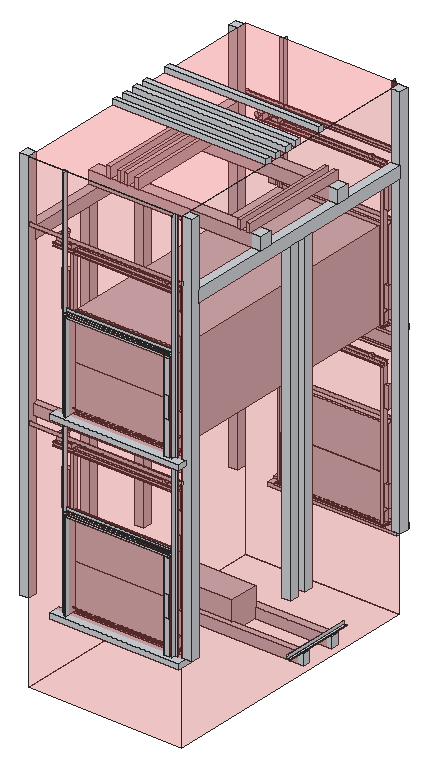
Revit family "SC3500-2U-2方向", category 一般モデル, Revit 2018
Family settings
  鉄筋をホスト可能 = いいえ
  丸型コネクタ寸法 = 直径を使用
  パーツ タイプ = 標準
  作業面ベース = いいえ
  常に垂直 = はい
  ロード時にボイドで切り取り = いいえ
  共有 = いいえ
  部屋計算ポイント = いいえ
Parameters
  昇降行程 = 5000 mm
Reference planes
  plane 1 "レール芯": y = 0
  plane 2 "最下階FL": z = 0
  plane 3 "かご芯": x = 0
  plane 4: z = 5000
  plane 5 "ピット底面": z = -2250
  plane 6: z = 11100
  plane 7: z = 2500
  plane 8: z = 4350
Forms (mm)
  Extrusion 1, solid
    sketch origin (-115, 140, 0) x (1, 0, 0) y (0, 1, 0)
      loop
        line (-2400, 3615) -> (-2400, -4015) -> (1900, -4015) -> (1900, 3615) -> (-2400, 3615)
    from -2250 to 11100
  Extrusion 2, solid
    sketch origin (-188.849, -187.656, 5000) x (1, 0, 0) y (0, 1, 0)
      loop
        line (-1231.151, 3682.656) -> (-1231.151, -3307.344) -> (1608.849, -3307.344) -> (1608.849, 3682.656) -> (-1231.151, 3682.656)
    from 0 to 2500
  Extrusion 3, solid
    sketch origin (-1044.116, 124.003, -69) x (1, 0, 0) y (0, 1, 0)
      loop
        line (-1050.884, 1090.997) -> (-1050.884, 260.997) -> (829.116, 260.997) -> (829.116, 1090.997) -> (-1050.884, 1090.997)
    from -1850 to -1029.5
  Extrusion 4, solid
    sketch origin (-180.164, -13.256, 0) x (1, 0, 0) y (0, 1, 0)
      loop
        line (1965.164, 388.256) -> (1965.164, 138.256) -> (2215.164, 138.256) -> (2215.164, 388.256) -> (1965.164, 388.256)
    from 0 to 8910
  Extrusion 5, solid
    sketch origin (-180.164, -413.256, 0) x (1, 0, 0) y (0, 1, 0)
      loop
        line (1965.164, 288.256) -> (1965.164, 38.256) -> (2215.164, 38.256) -> (2215.164, 288.256) -> (1965.164, 288.256)
    from 0 to 8910
  Extrusion 6, solid
    sketch origin (268.997, -166.31, 0) x (1, 0, 0) y (0, 1, 0)
      loop
        line (-3033.997, 581.31) -> (-3033.997, 331.31) -> (-2783.997, 331.31) -> (-2783.997, 581.31) -> (-3033.997, 581.31)
    from 0 to 8910
  Extrusion 7, solid
    sketch origin (268.997, -1966.31, 0) x (1, 0, 0) y (0, 1, 0)
      loop
        line (-3033.997, 481.31) -> (-3033.997, 231.31) -> (-2783.997, 231.31) -> (-2783.997, 481.31) -> (-3033.997, 481.31)
    from 0 to 8910
  Extrusion 8, solid
    sketch origin (0, -154.792, -183.066) x (0, 1, 0) y (0, 0, 1)
      loop
        line (279.792, 11433.066) -> (279.792, 11283.066) -> (429.792, 11283.066) -> (429.792, 11433.066) -> (279.792, 11433.066)
    from -2515 to 1785
  Extrusion 9, solid
    sketch origin (0, -494.792, -183.066) x (0, 1, 0) y (0, 0, 1)
      loop
        line (279.792, 11433.066) -> (279.792, 11283.066) -> (429.792, 11283.066) -> (429.792, 11433.066) -> (279.792, 11433.066)
    from -2515 to 1785
  Extrusion 10, solid
    sketch origin (0, -859.792, -183.066) x (0, 1, 0) y (0, 0, 1)
      loop
        line (279.792, 11433.066) -> (279.792, 11283.066) -> (429.792, 11283.066) -> (429.792, 11433.066) -> (279.792, 11433.066)
    from -2515 to 1785
  Extrusion 11, solid
    sketch origin (0, 635.208, -183.066) x (0, 1, 0) y (0, 0, 1)
      loop
        line (279.792, 11433.066) -> (279.792, 11283.066) -> (429.792, 11283.066) -> (429.792, 11433.066) -> (279.792, 11433.066)
    from -2515 to 1785
  Extrusion 12, solid
    sketch origin (0, -2877.235, 116.596) x (0, 1, 0) y (0, 0, 1)
      loop
        line (-827.765, 4733.404) -> (-827.765, 4433.404) -> (-677.765, 4433.404) -> (-677.765, 4733.404) -> (-827.765, 4733.404)
    from -2515 to 1785
  Extrusion 13, solid
    sketch origin (122.648, -2778.415, 0) x (-1, 0, 0) y (0, -1, 0)
      loop
        line (-1452.352, 1086.585) -> (-1452.352, 1186.585) -> (-1455.352, 1186.585)
        arc (-1455.352, 1186.585) -> (-1460.302, 1184.535) -> (-1462.352, 1179.585) r 7
        line (-1462.352, 1179.585) -> (-1462.352, 1106.585)
        arc (-1462.352, 1106.585) -> (-1465.281, 1099.514) -> (-1472.352, 1096.585) r 10
        line (-1472.352, 1096.585) -> (-1545.352, 1096.585)
        arc (-1545.352, 1096.585) -> (-1550.302, 1094.535) -> (-1552.352, 1089.585) r 7
        line (-1552.352, 1089.585) -> (-1552.352, 1086.585) -> (-1452.352, 1086.585)
    from 0 to 4850
  Extrusion 14, solid
    sketch origin (77.352, -2778.415, 0) x (1, 0, 0) y (0, 1, 0)
      loop
        line (-1625.352, -1096.585) -> (-1552.352, -1096.585)
        arc (-1552.352, -1096.585) -> (-1545.281, -1099.514) -> (-1542.352, -1106.585) r 10
        line (-1542.352, -1106.585) -> (-1542.352, -1179.585)
        arc (-1542.352, -1179.585) -> (-1540.302, -1184.535) -> (-1535.352, -1186.585) r 7
        line (-1535.352, -1186.585) -> (-1532.352, -1186.585) -> (-1532.352, -1086.585) -> (-1632.352, -1086.585) -> (-1632.352, -1089.585)
        arc (-1632.352, -1089.585) -> (-1630.302, -1094.535) -> (-1625.352, -1096.585) r 7
    from 0 to 4850
  Extrusion 15, solid
    sketch origin (322.648, -2778.415, 5000) x (-1, 0, 0) y (0, -1, 0)
      loop
        arc (-1262.352, 1106.585) -> (-1265.281, 1099.514) -> (-1272.352, 1096.585) r 10
        line (-1272.352, 1096.585) -> (-1345.352, 1096.585)
        arc (-1345.352, 1096.585) -> (-1350.302, 1094.535) -> (-1352.352, 1089.585) r 7
        line (-1352.352, 1089.585) -> (-1352.352, 1086.585) -> (-1252.352, 1086.585) -> (-1252.352, 1186.585) -> (-1255.352, 1186.585)
        arc (-1255.352, 1186.585) -> (-1260.302, 1184.535) -> (-1262.352, 1179.585) r 7
        line (-1262.352, 1179.585) -> (-1262.352, 1106.585)
    from 0 to 6100
  Extrusion 16, solid
    sketch origin (77.352, -2778.415, 5000) x (1, 0, 0) y (0, 1, 0)
      loop
        line (-1625.352, -1096.585) -> (-1552.352, -1096.585)
        arc (-1552.352, -1096.585) -> (-1545.281, -1099.514) -> (-1542.352, -1106.585) r 10
        line (-1542.352, -1106.585) -> (-1542.352, -1179.585)
        arc (-1542.352, -1179.585) -> (-1540.302, -1184.535) -> (-1535.352, -1186.585) r 7
        line (-1535.352, -1186.585) -> (-1532.352, -1186.585) -> (-1532.352, -1086.585) -> (-1632.352, -1086.585) -> (-1632.352, -1089.585)
        arc (-1632.352, -1089.585) -> (-1630.302, -1094.535) -> (-1625.352, -1096.585) r 7
    from 0 to 6100
  Extrusion 17, solid
    sketch origin (90, -6112.272, 1335.614) x (0, 0, -1) y (0, 1, 0)
      loop
        arc (-1254.386, 2154.272) -> (-1252.335, 2149.322) -> (-1247.386, 2147.272) r 7
        line (-1247.386, 2147.272) -> (-1244.386, 2147.272) -> (-1244.386, 2247.272) -> (-1344.386, 2247.272) -> (-1344.386, 2244.272)
        arc (-1344.386, 2244.272) -> (-1342.335, 2239.322) -> (-1337.386, 2237.272) r 7
        line (-1337.386, 2237.272) -> (-1264.386, 2237.272)
        arc (-1264.386, 2237.272) -> (-1257.315, 2234.343) -> (-1254.386, 2227.272) r 10
        line (-1254.386, 2227.272) -> (-1254.386, 2154.272)
    from -1545 to 1485
  Extrusion 18, solid
    sketch origin (268.997, 3138.69, 0) x (1, 0, 0) y (0, 1, 0)
      loop
        line (-3033.997, 581.31) -> (-3033.997, 331.31) -> (-2783.997, 331.31) -> (-2783.997, 581.31) -> (-3033.997, 581.31)
    from 0 to 11100
  Extrusion 19, solid
    sketch origin (24.836, 3331.744, 0) x (1, 0, 0) y (0, 1, 0)
      loop
        line (1760.164, 388.256) -> (1760.164, 138.256) -> (2010.164, 138.256) -> (2010.164, 388.256) -> (1760.164, 388.256)
    from 0 to 11100
  Extrusion 20, solid
    sketch origin (268.997, -4081.31, 0) x (1, 0, 0) y (0, 1, 0)
      loop
        line (-3033.997, 481.31) -> (-3033.997, 231.31) -> (-2783.997, 231.31) -> (-2783.997, 481.31) -> (-3033.997, 481.31)
    from 0 to 11100
  Extrusion 21, solid
    sketch origin (24.836, -3888.256, 0) x (1, 0, 0) y (0, 1, 0)
      loop
        line (1760.164, 288.256) -> (1760.164, 38.256) -> (2010.164, 38.256) -> (2010.164, 288.256) -> (1760.164, 288.256)
    from 0 to 11100
  Extrusion 22, solid
    sketch origin (150, 1916.904, 19.994) x (0, 1, 0) y (0, 0, 1)
      loop
        line (-716.904, -1644.994) -> (-716.904, -1938.994) -> (-516.904, -1938.994) -> (-516.904, -1644.994) -> (-716.904, -1644.994)
    from -2815 to 1785
  Extrusion 23, solid
    sketch origin (150, 916.904, 19.994) x (0, 1, 0) y (0, 0, 1)
      loop
        line (-716.904, -1644.994) -> (-716.904, -1938.994) -> (-516.904, -1938.994) -> (-516.904, -1644.994) -> (-716.904, -1644.994)
    from -2815 to 1785
  Extrusion 24, solid
    sketch origin (0, -1199.792, -183.066) x (0, 1, 0) y (0, 0, 1)
      loop
        line (279.792, 11433.066) -> (279.792, 11283.066) -> (429.792, 11283.066) -> (429.792, 11433.066) -> (279.792, 11433.066)
    from -2515 to 1785
  Extrusion 25, solid
    sketch origin (0, 526.791, -436.921) x (0, 1, 0) y (0, 0, 1)
      loop
        line (748.209, 10036.921) -> (748.209, 9686.921) -> (1098.209, 9686.921) -> (1098.209, 10036.921) -> (748.209, 10036.921)
    from -2765 to 2035
  Extrusion 26, solid
    sketch origin (0, -2183.209, -436.921) x (0, 1, 0) y (0, 0, 1)
      loop
        line (748.209, 10036.921) -> (748.209, 9686.921) -> (1098.209, 9686.921) -> (1098.209, 10036.921) -> (748.209, 10036.921)
    from -2765 to 2035
  Extrusion 27, solid
    sketch origin (112.993, 0, 395.444) x (1, 0, 0) y (0, 0, 1)
      loop
        line (1672.007, 8854.556) -> (1672.007, 8514.556) -> (1922.007, 8514.556) -> (1922.007, 8854.556) -> (1672.007, 8854.556)
    from -3470 to 3600
  Extrusion 28, solid
    sketch origin (-4437.007, 0, -554.556) x (1, 0, 0) y (0, 0, 1)
      loop
        line (1672.007, 9804.556) -> (1672.007, 9464.556) -> (1922.007, 9464.556) -> (1922.007, 9804.556) -> (1672.007, 9804.556)
    from -3470 to 3600
  Extrusion 29, solid
    sketch origin (90, -6112.272, 5985.614) x (0, 0, -1) y (0, 1, 0)
      loop
        arc (-1604.386, 2154.272) -> (-1602.335, 2149.322) -> (-1597.386, 2147.272) r 7
        line (-1597.386, 2147.272) -> (-1594.386, 2147.272) -> (-1594.386, 2247.272) -> (-1694.386, 2247.272) -> (-1694.386, 2244.272)
        arc (-1694.386, 2244.272) -> (-1692.335, 2239.322) -> (-1687.386, 2237.272) r 7
        line (-1687.386, 2237.272) -> (-1614.386, 2237.272)
        arc (-1614.386, 2237.272) -> (-1607.315, 2234.343) -> (-1604.386, 2227.272) r 10
        line (-1604.386, 2227.272) -> (-1604.386, 2154.272)
    from -1545 to 1485
  Extrusion 30, solid
    sketch origin (0, -1757.728, 5770.614) x (0, 0, -1) y (0, 1, 0)
      loop
        line (-3589.386, -2014.272) -> (-3589.386, -2087.272)
        arc (-3589.386, -2087.272) -> (-3592.315, -2094.343) -> (-3599.386, -2097.272) r 10
        line (-3599.386, -2097.272) -> (-3672.386, -2097.272)
        arc (-3672.386, -2097.272) -> (-3677.335, -2099.322) -> (-3679.386, -2104.272) r 7
        line (-3679.386, -2104.272) -> (-3679.386, -2107.272) -> (-3579.386, -2107.272) -> (-3579.386, -2007.272) -> (-3582.386, -2007.272)
        arc (-3582.386, -2007.272) -> (-3587.335, -2009.322) -> (-3589.386, -2014.272) r 7
    from -2515 to 1785
  Extrusion 31, solid
    sketch origin (-323.115, 1800, 100) x (1, 0, 0) y (0, 0, 1)
      loop
        line (-2201.885, -1632) -> (-2201.885, -1705)
        arc (-2201.885, -1705) -> (-2204.814, -1712.071) -> (-2211.885, -1715) r 10
        line (-2211.885, -1715) -> (-2284.885, -1715)
        arc (-2284.885, -1715) -> (-2289.835, -1717.05) -> (-2291.885, -1722) r 7
        line (-2291.885, -1722) -> (-2291.885, -1725) -> (-2191.885, -1725) -> (-2191.885, -1625) -> (-2194.885, -1625)
        arc (-2194.885, -1625) -> (-2199.835, -1627.05) -> (-2201.885, -1632) r 7
    from 5 to 2000
  Extrusion 32, solid
    sketch origin (-406.885, 1800, 100) x (-1, 0, 0) y (0, 0, -1)
      loop
        arc (-2201.885, 1632) -> (-2199.835, 1627.05) -> (-2194.885, 1625) r 7
        line (-2194.885, 1625) -> (-2191.885, 1625) -> (-2191.885, 1725) -> (-2291.885, 1725) -> (-2291.885, 1722)
        arc (-2291.885, 1722) -> (-2289.835, 1717.05) -> (-2284.885, 1715) r 7
        line (-2284.885, 1715) -> (-2211.885, 1715)
        arc (-2211.885, 1715) -> (-2204.814, 1712.071) -> (-2201.885, 1705) r 10
        line (-2201.885, 1705) -> (-2201.885, 1632)
    from 5 to 2000
  Extrusion 33, solid
    sketch origin (-617.393, 0, -591.596) x (1, 0, 0) y (0, 0, 1)
      loop
        line (2277.393, 10441.596) -> (2277.393, 10191.596) -> (2367.393, 10191.596) -> (2367.393, 10441.596) -> (2277.393, 10441.596)
    from -1625 to 1435
  Extrusion 34, solid
    sketch origin (-877.393, 0, -591.596) x (1, 0, 0) y (0, 0, 1)
      loop
        line (2267.393, 10441.596) -> (2267.393, 10191.596) -> (2357.393, 10191.596) -> (2357.393, 10441.596) -> (2267.393, 10441.596)
    from -1625 to 1435
  Extrusion 35, solid
    sketch origin (-461.32, 0, -654.523) x (1, 0, 0) y (0, 0, 1)
      loop
        line (-1798.68, 10554.523) -> (-1798.68, 10254.523) -> (-1708.68, 10254.523) -> (-1708.68, 10554.523) -> (-1798.68, 10554.523)
    from -1625 to 1435
  Extrusion 36, solid
    sketch origin (-171.32, 0, -654.523) x (1, 0, 0) y (0, 0, 1)
      loop
        line (-1798.68, 10554.523) -> (-1798.68, 10254.523) -> (-1708.68, 10254.523) -> (-1708.68, 10554.523) -> (-1798.68, 10554.523)
    from -1625 to 1435
  Extrusion 37, solid
    sketch origin (38.68, 0, -654.523) x (1, 0, 0) y (0, 0, 1)
      loop
        line (-1798.68, 10554.523) -> (-1798.68, 10254.523) -> (-1708.68, 10254.523) -> (-1708.68, 10554.523) -> (-1798.68, 10554.523)
    from -1625 to 1435
  Extrusion 38, solid
    sketch origin (328.68, 0, -654.523) x (1, 0, 0) y (0, 0, 1)
      loop
        line (-1798.68, 10554.523) -> (-1798.68, 10254.523) -> (-1708.68, 10254.523) -> (-1708.68, 10554.523) -> (-1798.68, 10554.523)
    from -1625 to 1435
  Extrusion 39, solid
    sketch origin (122.648, 2658.415, 0) x (-1, 0, 0) y (0, -1, 0)
      loop
        line (-1452.352, -1086.585) -> (-1552.352, -1086.585) -> (-1552.352, -1089.585)
        arc (-1552.352, -1089.585) -> (-1550.302, -1094.535) -> (-1545.352, -1096.585) r 7
        line (-1545.352, -1096.585) -> (-1472.352, -1096.585)
        arc (-1472.352, -1096.585) -> (-1465.281, -1099.514) -> (-1462.352, -1106.585) r 10
        line (-1462.352, -1106.585) -> (-1462.352, -1179.585)
        arc (-1462.352, -1179.585) -> (-1460.302, -1184.535) -> (-1455.352, -1186.585) r 7
        line (-1455.352, -1186.585) -> (-1452.352, -1186.585) -> (-1452.352, -1086.585)
    from 0 to 4850
  Extrusion 40, solid
    sketch origin (77.352, 2658.415, 0) x (1, 0, 0) y (0, 1, 0)
      loop
        arc (-1625.352, 1096.585) -> (-1630.302, 1094.535) -> (-1632.352, 1089.585) r 7
        line (-1632.352, 1089.585) -> (-1632.352, 1086.585) -> (-1532.352, 1086.585) -> (-1532.352, 1186.585) -> (-1535.352, 1186.585)
        arc (-1535.352, 1186.585) -> (-1540.302, 1184.535) -> (-1542.352, 1179.585) r 7
        line (-1542.352, 1179.585) -> (-1542.352, 1106.585)
        arc (-1542.352, 1106.585) -> (-1545.281, 1099.514) -> (-1552.352, 1096.585) r 10
        line (-1552.352, 1096.585) -> (-1625.352, 1096.585)
    from 0 to 4850
  Extrusion 41, solid
    sketch origin (322.648, 2658.415, 5000) x (-1, 0, 0) y (0, -1, 0)
      loop
        line (-1262.352, -1106.585) -> (-1262.352, -1179.585)
        arc (-1262.352, -1179.585) -> (-1260.302, -1184.535) -> (-1255.352, -1186.585) r 7
        line (-1255.352, -1186.585) -> (-1252.352, -1186.585) -> (-1252.352, -1086.585) -> (-1352.352, -1086.585) -> (-1352.352, -1089.585)
        arc (-1352.352, -1089.585) -> (-1350.302, -1094.535) -> (-1345.352, -1096.585) r 7
        line (-1345.352, -1096.585) -> (-1272.352, -1096.585)
        arc (-1272.352, -1096.585) -> (-1265.281, -1099.514) -> (-1262.352, -1106.585) r 10
    from 0 to 6100
  Extrusion 42, solid
    sketch origin (77.352, 2658.415, 5000) x (1, 0, 0) y (0, 1, 0)
      loop
        arc (-1625.352, 1096.585) -> (-1630.302, 1094.535) -> (-1632.352, 1089.585) r 7
        line (-1632.352, 1089.585) -> (-1632.352, 1086.585) -> (-1532.352, 1086.585) -> (-1532.352, 1186.585) -> (-1535.352, 1186.585)
        arc (-1535.352, 1186.585) -> (-1540.302, 1184.535) -> (-1542.352, 1179.585) r 7
        line (-1542.352, 1179.585) -> (-1542.352, 1106.585)
        arc (-1542.352, 1106.585) -> (-1545.281, 1099.514) -> (-1552.352, 1096.585) r 10
        line (-1552.352, 1096.585) -> (-1625.352, 1096.585)
    from 0 to 6100
  Extrusion 43, solid
    sketch origin (90, 5992.272, 1335.614) x (0, 0, -1) y (0, 1, 0)
      loop
        line (-1254.386, -2154.272) -> (-1254.386, -2227.272)
        arc (-1254.386, -2227.272) -> (-1257.315, -2234.343) -> (-1264.386, -2237.272) r 10
        line (-1264.386, -2237.272) -> (-1337.386, -2237.272)
        arc (-1337.386, -2237.272) -> (-1342.335, -2239.322) -> (-1344.386, -2244.272) r 7
        line (-1344.386, -2244.272) -> (-1344.386, -2247.272) -> (-1244.386, -2247.272) -> (-1244.386, -2147.272) -> (-1247.386, -2147.272)
        arc (-1247.386, -2147.272) -> (-1252.335, -2149.322) -> (-1254.386, -2154.272) r 7
    from -1545 to 1485
  Extrusion 44, solid
    sketch origin (90, 5992.272, 5985.614) x (0, 0, -1) y (0, 1, 0)
      loop
        line (-1604.386, -2154.272) -> (-1604.386, -2227.272)
        arc (-1604.386, -2227.272) -> (-1607.315, -2234.343) -> (-1614.386, -2237.272) r 10
        line (-1614.386, -2237.272) -> (-1687.386, -2237.272)
        arc (-1687.386, -2237.272) -> (-1692.335, -2239.322) -> (-1694.386, -2244.272) r 7
        line (-1694.386, -2244.272) -> (-1694.386, -2247.272) -> (-1594.386, -2247.272) -> (-1594.386, -2147.272) -> (-1597.386, -2147.272)
        arc (-1597.386, -2147.272) -> (-1602.335, -2149.322) -> (-1604.386, -2154.272) r 7
    from -1545 to 1485
  Extrusion 45, solid
    sketch origin (0, 1637.728, 5770.614) x (0, 0, -1) y (0, 1, 0)
      loop
        arc (-3589.386, 2014.272) -> (-3587.335, 2009.322) -> (-3582.386, 2007.272) r 7
        line (-3582.386, 2007.272) -> (-3579.386, 2007.272) -> (-3579.386, 2107.272) -> (-3679.386, 2107.272) -> (-3679.386, 2104.272)
        arc (-3679.386, 2104.272) -> (-3677.335, 2099.322) -> (-3672.386, 2097.272) r 7
        line (-3672.386, 2097.272) -> (-3599.386, 2097.272)
        arc (-3599.386, 2097.272) -> (-3592.315, 2094.343) -> (-3589.386, 2087.272) r 10
        line (-3589.386, 2087.272) -> (-3589.386, 2014.272)
    from -2515 to 1785
  Extrusion 46, solid
    sketch origin (0, -150.073, 1770) x (0, 1, 0) y (0, 0, 1)
      loop
        arc (-3694.927, 2590) -> (-3701.998, 2592.929) -> (-3704.927, 2600) r 10
        line (-3704.927, 2600) -> (-3704.927, 2673)
        arc (-3704.927, 2673) -> (-3706.977, 2677.95) -> (-3711.927, 2680) r 7
        line (-3711.927, 2680) -> (-3714.927, 2680) -> (-3714.927, 2580) -> (-3614.927, 2580) -> (-3614.927, 2583)
        arc (-3614.927, 2583) -> (-3616.977, 2587.95) -> (-3621.927, 2590) r 7
        line (-3621.927, 2590) -> (-3694.927, 2590)
    from -2515 to 1785
  Extrusion 47, solid
    sketch origin (0, 1020, 1770) x (0, 1, 0) y (0, 0, 1)
      loop
        arc (2632, 2590) -> (2627.05, 2587.95) -> (2625, 2583) r 7
        line (2625, 2583) -> (2625, 2580) -> (2725, 2580) -> (2725, 2680) -> (2722, 2680)
        arc (2722, 2680) -> (2717.05, 2677.95) -> (2715, 2673) r 7
        line (2715, 2673) -> (2715, 2600)
        arc (2715, 2600) -> (2712.071, 2592.929) -> (2705, 2590) r 10
        line (2705, 2590) -> (2632, 2590)
    from -2515 to 1785
  Extrusion 48, solid
    sketch origin (0, 4382.765, 116.596) x (0, 1, 0) y (0, 0, 1)
      loop
        line (-827.765, 4733.404) -> (-827.765, 4433.404) -> (-677.765, 4433.404) -> (-677.765, 4733.404) -> (-827.765, 4733.404)
    from -2515 to 1785
Dimensions and locks
  "昇降行程": plane 4 to plane 2 "最下階FL"
  locked: plane 6 to plane 4 at 6100
  locked: Extrusion 2 to plane 4 at 2500
  locked: plane 4 to Extrusion 13 at 150
  locked: Extrusion 27 to plane 4 at 3910
  locked: plane 4 to Extrusion 39 at 150
  locked: Extrusion 12 to plane 4 at 450
  locked: plane 4 to Extrusion 48 at 450
  aligned and locked: level to plane 2 "最下階FL"
  aligned and locked: Extrusion 1 to plane 5 "ピット底面"
  aligned and locked: Extrusion 2 to plane 4
  aligned and locked: Extrusion 5 to plane 2 "最下階FL"
  aligned and locked: Extrusion 4 to plane 2 "最下階FL"
  aligned and locked: Extrusion 6 to Extrusion 1
  aligned and locked: Extrusion 7 to Extrusion 1
  aligned and locked: Extrusion 4 to Extrusion 1
  aligned and locked: Extrusion 5 to Extrusion 1
  aligned and locked: Extrusion 6 to plane 2 "最下階FL"
  aligned and locked: Extrusion 7 to plane 2 "最下階FL"
  aligned and locked: Extrusion 8 to Extrusion 1
  aligned and locked: Extrusion 1 to Extrusion 8  (x2)
  aligned and locked: Extrusion 1 to Extrusion 10  (x2)
  aligned and locked: Extrusion 1 to Extrusion 11  (x2)
  aligned and locked: Extrusion 10 to Extrusion 1
  aligned and locked: Extrusion 9 to Extrusion 1
  aligned and locked: Extrusion 11 to Extrusion 1
  aligned and locked: Extrusion 1 to Extrusion 12  (x2)
  aligned and locked: Extrusion 1 to Extrusion 9  (x2)
  aligned and locked: Extrusion 15 to Extrusion 16
  aligned and locked: Extrusion 16 to plane 4
  aligned and locked: Extrusion 15 to plane 4
  aligned and locked: Extrusion 1 to plane 6
  aligned and locked: plane 6 to Extrusion 15
  aligned and locked: plane 6 to Extrusion 16
  aligned and locked: Extrusion 13 to Extrusion 14
  aligned and locked: Extrusion 1 to Extrusion 19
  aligned and locked: Extrusion 1 to Extrusion 21
  aligned and locked: Extrusion 1 to Extrusion 18
  aligned and locked: Extrusion 1 to Extrusion 20
  aligned and locked: Extrusion 4 to Extrusion 27
  aligned and locked: Extrusion 6 to Extrusion 27
  aligned and locked: Extrusion 5 to Extrusion 27
  aligned and locked: Extrusion 7 to Extrusion 27
  aligned and locked: Extrusion 1 to Extrusion 24  (x2)
  aligned and locked: plane 4 to nested 2
  aligned and locked: plane 4 to nested 4
  aligned and locked: Extrusion 41 to Extrusion 42
  aligned and locked: Extrusion 39 to Extrusion 40
  aligned and locked: Extrusion 42 to plane 4
  aligned and locked: Extrusion 41 to plane 4
  aligned and locked: plane 6 to Extrusion 41
Automatic sketch dimensions
  Extrusion 1 sketch curve to plane 3 "かご芯" = 2515 mm
  plane 3 "かご芯" to Extrusion 1 sketch curve = 1785 mm
  plane 1 "レール芯" to Extrusion 1 sketch curve = 3875 mm
  Extrusion 1 sketch curve to plane 1 "レール芯" = 3755 mm
  Extrusion 2 sketch curve to plane 3 "かご芯" = 1420 mm
  plane 3 "かご芯" to Extrusion 2 sketch curve = 1420 mm
  plane 1 "レール芯" to Extrusion 2 sketch curve = 3495 mm
  Extrusion 2 sketch curve to plane 1 "レール芯" = 3495 mm
  Extrusion 3 sketch curve to plane 1 "レール芯" = 385 mm
  Extrusion 3 sketch curve to plane 3 "かご芯" = 2095 mm
  Extrusion 3 sketch curve to plane 3 "かご芯" = 215 mm
  Extrusion 3 sketch curve to Extrusion 3 sketch curve = 830 mm
  Extrusion 4 sketch curve to plane 1 "レール芯" = 125 mm
  plane 3 "かご芯" to Extrusion 4 sketch curve = 1785 mm
  Extrusion 4 sketch curve to Extrusion 4 sketch curve = 250 mm  (x2)
  plane 1 "レール芯" to Extrusion 5 sketch curve = 375 mm
  plane 3 "かご芯" to Extrusion 5 sketch curve = 1785 mm
  Extrusion 5 sketch curve to Extrusion 5 sketch curve = 250 mm
  plane 1 "レール芯" to Extrusion 5 sketch curve = 125 mm
  Extrusion 6 sketch curve to plane 1 "レール芯" = 165 mm
  Extrusion 6 sketch curve to plane 3 "かご芯" = 2765 mm
  Extrusion 6 sketch curve to Extrusion 6 sketch curve = 250 mm  (x2)
  Extrusion 7 sketch curve to plane 3 "かご芯" = 2765 mm
  Extrusion 7 sketch curve to Extrusion 7 sketch curve = 250 mm  (x2)
  plane 1 "レール芯" to Extrusion 7 sketch curve = 1735 mm
  Extrusion 8 sketch curve to plane 6 = 0 mm
  Extrusion 8 sketch curve to plane 1 "レール芯" = 125 mm
  Extrusion 8 sketch curve to Extrusion 8 sketch curve = 150 mm
  plane 6 to Extrusion 8 sketch curve = 150 mm
  Extrusion 9 sketch curve to plane 6 = 0 mm
  plane 1 "レール芯" to Extrusion 9 sketch curve = 215 mm
  plane 1 "レール芯" to Extrusion 9 sketch curve = 65 mm
  plane 6 to Extrusion 9 sketch curve = 150 mm
  Extrusion 10 sketch curve to plane 6 = 0 mm
  plane 1 "レール芯" to Extrusion 10 sketch curve = 580 mm
  Extrusion 10 sketch curve to Extrusion 10 sketch curve = 150 mm
  plane 6 to Extrusion 10 sketch curve = 150 mm
  Extrusion 11 sketch curve to plane 6 = 0 mm
  Extrusion 11 sketch curve to plane 1 "レール芯" = 915 mm
  Extrusion 11 sketch curve to Extrusion 11 sketch curve = 150 mm  (x2)
  plane 8 to Extrusion 12 sketch curve = 200 mm
  plane 1 "レール芯" to Extrusion 12 sketch curve = 3705 mm
  Extrusion 12 sketch curve to Extrusion 12 sketch curve = 150 mm
  Extrusion 12 sketch curve to plane 4 = 150 mm
  Extrusion 13 sketch curve to plane 3 "かご芯" = 1675 mm
  Extrusion 13 sketch curve to Extrusion 13 sketch curve = 7 mm  (x2)
  Extrusion 13 sketch curve to Extrusion 13 sketch curve = 73 mm  (x2)
  Extrusion 13 sketch curve to Extrusion 13 sketch curve = 10 mm
  Extrusion 13 sketch curve to Extrusion 13 sketch curve = 3 mm
  Extrusion 13 sketch curve to plane 1 "レール芯" = 3965 mm
  Extrusion 13 sketch curve to Extrusion 13 sketch curve = 20 mm
  Extrusion 14 sketch curve to plane 3 "かご芯" = 1555 mm
  Extrusion 14 sketch curve to Extrusion 14 sketch curve = 7 mm  (x2)
  Extrusion 14 sketch curve to Extrusion 14 sketch curve = 73 mm  (x2)
  Extrusion 14 sketch curve to Extrusion 14 sketch curve = 10 mm
  Extrusion 14 sketch curve to Extrusion 14 sketch curve = 3 mm  (x2)
  plane 1 "レール芯" to Extrusion 14 sketch curve = 3965 mm
  Extrusion 15 sketch curve to plane 3 "かご芯" = 1675 mm
  Extrusion 15 sketch curve to Extrusion 15 sketch curve = 7 mm  (x2)
  Extrusion 15 sketch curve to Extrusion 15 sketch curve = 73 mm  (x2)
  Extrusion 15 sketch curve to Extrusion 15 sketch curve = 10 mm
  Extrusion 15 sketch curve to Extrusion 15 sketch curve = 3 mm
  Extrusion 15 sketch curve to plane 1 "レール芯" = 3965 mm
  Extrusion 15 sketch curve to Extrusion 15 sketch curve = 20 mm
  Extrusion 16 sketch curve to plane 3 "かご芯" = 1555 mm
  Extrusion 16 sketch curve to Extrusion 16 sketch curve = 7 mm  (x2)
  Extrusion 16 sketch curve to Extrusion 16 sketch curve = 73 mm  (x2)
  Extrusion 16 sketch curve to Extrusion 16 sketch curve = 10 mm
  Extrusion 16 sketch curve to Extrusion 16 sketch curve = 3 mm  (x2)
  plane 1 "レール芯" to Extrusion 16 sketch curve = 3965 mm
  Extrusion 17 sketch curve to plane 7 = 180 mm
  Extrusion 17 sketch curve to Extrusion 17 sketch curve = 7 mm  (x2)
  Extrusion 17 sketch curve to Extrusion 17 sketch curve = 73 mm  (x2)
  Extrusion 17 sketch curve to Extrusion 17 sketch curve = 10 mm
  Extrusion 17 sketch curve to Extrusion 17 sketch curve = 3 mm  (x2)
  plane 1 "レール芯" to Extrusion 17 sketch curve = 3965 mm
  Extrusion 18 sketch curve to plane 3 "かご芯" = 2765 mm
  Extrusion 18 sketch curve to Extrusion 18 sketch curve = 250 mm  (x2)
  Extrusion 18 sketch curve to plane 1 "レール芯" = 3470 mm
  plane 3 "かご芯" to Extrusion 19 sketch curve = 1785 mm
  Extrusion 19 sketch curve to Extrusion 19 sketch curve = 250 mm  (x2)
  Extrusion 19 sketch curve to plane 1 "レール芯" = 3470 mm
  Extrusion 20 sketch curve to plane 3 "かご芯" = 2765 mm
  Extrusion 20 sketch curve to Extrusion 20 sketch curve = 250 mm  (x2)
  plane 1 "レール芯" to Extrusion 20 sketch curve = 3850 mm
  plane 3 "かご芯" to Extrusion 21 sketch curve = 1785 mm
  Extrusion 21 sketch curve to Extrusion 21 sketch curve = 250 mm  (x2)
  plane 1 "レール芯" to Extrusion 21 sketch curve = 3850 mm
  plane 5 "ピット底面" to Extrusion 22 sketch curve = 331 mm
  Extrusion 22 sketch curve to plane 1 "レール芯" = 1200 mm
  Extrusion 22 sketch curve to Extrusion 22 sketch curve = 200 mm
  Extrusion 22 sketch curve to Extrusion 22 sketch curve = 294 mm
  Extrusion 23 sketch curve to plane 1 "レール芯" = 200 mm
  Extrusion 23 sketch curve to Extrusion 23 sketch curve = 200 mm
  plane 5 "ピット底面" to Extrusion 23 sketch curve = 331 mm
  Extrusion 23 sketch curve to Extrusion 23 sketch curve = 294 mm
  Extrusion 24 sketch curve to plane 6 = 0 mm
  plane 1 "レール芯" to Extrusion 24 sketch curve = 920 mm
  Extrusion 24 sketch curve to Extrusion 24 sketch curve = 150 mm
  plane 6 to Extrusion 24 sketch curve = 150 mm
  Extrusion 25 sketch curve to plane 1 "レール芯" = 1275 mm
  Extrusion 25 sketch curve to Extrusion 25 sketch curve = 350 mm  (x2)
  Extrusion 25 sketch curve to plane 6 = 1850 mm
  plane 1 "レール芯" to Extrusion 26 sketch curve = 1435 mm
  Extrusion 26 sketch curve to Extrusion 26 sketch curve = 350 mm  (x2)
  Extrusion 26 sketch curve to plane 6 = 1850 mm
  plane 3 "かご芯" to Extrusion 27 sketch curve = 1785 mm
  Extrusion 27 sketch curve to Extrusion 27 sketch curve = 250 mm
  Extrusion 27 sketch curve to plane 6 = 2190 mm
  Extrusion 27 sketch curve to Extrusion 27 sketch curve = 340 mm
  Extrusion 28 sketch curve to plane 3 "かご芯" = 2765 mm
  Extrusion 28 sketch curve to Extrusion 28 sketch curve = 250 mm
  Extrusion 28 sketch curve to plane 6 = 2190 mm
  Extrusion 28 sketch curve to Extrusion 28 sketch curve = 340 mm
  plane 4 to Extrusion 29 sketch curve = 2680 mm
  Extrusion 29 sketch curve to Extrusion 29 sketch curve = 7 mm  (x2)
  Extrusion 29 sketch curve to Extrusion 29 sketch curve = 73 mm  (x2)
  Extrusion 29 sketch curve to Extrusion 29 sketch curve = 10 mm
  Extrusion 29 sketch curve to Extrusion 29 sketch curve = 3 mm  (x2)
  plane 1 "レール芯" to Extrusion 29 sketch curve = 3965 mm
  plane 6 to Extrusion 30 sketch curve = 1650 mm
  Extrusion 30 sketch curve to Extrusion 30 sketch curve = 7 mm  (x2)
  Extrusion 30 sketch curve to Extrusion 30 sketch curve = 73 mm  (x2)
  Extrusion 30 sketch curve to Extrusion 30 sketch curve = 10 mm
  Extrusion 30 sketch curve to Extrusion 30 sketch curve = 3 mm  (x2)
  Extrusion 30 sketch curve to plane 1 "レール芯" = 3765 mm
  plane 5 "ピット底面" to Extrusion 31 sketch curve = 628 mm
  Extrusion 31 sketch curve to plane 3 "かご芯" = 2615 mm
  Extrusion 31 sketch curve to Extrusion 31 sketch curve = 7 mm  (x2)
  Extrusion 31 sketch curve to Extrusion 31 sketch curve = 73 mm  (x2)
  Extrusion 31 sketch curve to Extrusion 31 sketch curve = 10 mm
  Extrusion 31 sketch curve to Extrusion 31 sketch curve = 3 mm
  Extrusion 31 sketch curve to Extrusion 31 sketch curve = 20 mm
  plane 5 "ピット底面" to Extrusion 32 sketch curve = 628 mm
  plane 3 "かご芯" to Extrusion 32 sketch curve = 1885 mm
  Extrusion 32 sketch curve to Extrusion 32 sketch curve = 7 mm  (x2)
  Extrusion 32 sketch curve to Extrusion 32 sketch curve = 73 mm  (x2)
  Extrusion 32 sketch curve to Extrusion 32 sketch curve = 10 mm
  Extrusion 32 sketch curve to Extrusion 32 sketch curve = 3 mm  (x2)
  plane 3 "かご芯" to Extrusion 33 sketch curve = 1660 mm
  Extrusion 33 sketch curve to Extrusion 33 sketch curve = 90 mm
  Extrusion 33 sketch curve to plane 6 = 1500 mm
  Extrusion 33 sketch curve to Extrusion 33 sketch curve = 250 mm
  plane 3 "かご芯" to Extrusion 34 sketch curve = 1390 mm
  Extrusion 34 sketch curve to Extrusion 34 sketch curve = 90 mm
  Extrusion 34 sketch curve to plane 6 = 1500 mm
  Extrusion 34 sketch curve to Extrusion 34 sketch curve = 250 mm
  Extrusion 35 sketch curve to plane 3 "かご芯" = 2260 mm
  Extrusion 35 sketch curve to Extrusion 35 sketch curve = 90 mm
  Extrusion 35 sketch curve to plane 6 = 1500 mm
  Extrusion 35 sketch curve to Extrusion 35 sketch curve = 300 mm
  Extrusion 36 sketch curve to plane 3 "かご芯" = 1970 mm
  Extrusion 36 sketch curve to Extrusion 36 sketch curve = 90 mm
  Extrusion 36 sketch curve to plane 6 = 1500 mm
  Extrusion 36 sketch curve to Extrusion 36 sketch curve = 300 mm
  Extrusion 37 sketch curve to plane 3 "かご芯" = 1760 mm
  Extrusion 37 sketch curve to Extrusion 37 sketch curve = 90 mm
  Extrusion 37 sketch curve to plane 6 = 1500 mm
  Extrusion 37 sketch curve to Extrusion 37 sketch curve = 300 mm
  Extrusion 38 sketch curve to plane 3 "かご芯" = 1470 mm
  Extrusion 38 sketch curve to Extrusion 38 sketch curve = 90 mm
  Extrusion 38 sketch curve to plane 6 = 1500 mm
  Extrusion 38 sketch curve to Extrusion 38 sketch curve = 300 mm
  plane 3 "かご芯" to Extrusion 39 sketch curve = 1675 mm
  Extrusion 39 sketch curve to Extrusion 39 sketch curve = 7 mm  (x2)
  Extrusion 39 sketch curve to Extrusion 39 sketch curve = 73 mm  (x2)
  Extrusion 39 sketch curve to Extrusion 39 sketch curve = 10 mm
  Extrusion 39 sketch curve to Extrusion 39 sketch curve = 3 mm
  Extrusion 39 sketch curve to plane 1 "レール芯" = 3845 mm
  Extrusion 39 sketch curve to Extrusion 39 sketch curve = 20 mm
  Extrusion 40 sketch curve to plane 3 "かご芯" = 1555 mm
  Extrusion 40 sketch curve to Extrusion 40 sketch curve = 7 mm  (x2)
  Extrusion 40 sketch curve to Extrusion 40 sketch curve = 73 mm  (x2)
  Extrusion 40 sketch curve to Extrusion 40 sketch curve = 10 mm
  Extrusion 40 sketch curve to Extrusion 40 sketch curve = 3 mm  (x2)
  Extrusion 40 sketch curve to plane 1 "レール芯" = 3745 mm
  plane 3 "かご芯" to Extrusion 41 sketch curve = 1675 mm
  Extrusion 41 sketch curve to Extrusion 41 sketch curve = 7 mm  (x2)
  Extrusion 41 sketch curve to Extrusion 41 sketch curve = 73 mm  (x2)
  Extrusion 41 sketch curve to Extrusion 41 sketch curve = 10 mm
  Extrusion 41 sketch curve to Extrusion 41 sketch curve = 3 mm
  Extrusion 41 sketch curve to plane 1 "レール芯" = 3845 mm
  Extrusion 41 sketch curve to Extrusion 41 sketch curve = 20 mm
  Extrusion 42 sketch curve to plane 3 "かご芯" = 1555 mm
  Extrusion 42 sketch curve to Extrusion 42 sketch curve = 7 mm  (x2)
  Extrusion 42 sketch curve to Extrusion 42 sketch curve = 73 mm  (x2)
  Extrusion 42 sketch curve to Extrusion 42 sketch curve = 10 mm
  Extrusion 42 sketch curve to Extrusion 42 sketch curve = 3 mm  (x2)
  Extrusion 42 sketch curve to plane 1 "レール芯" = 3745 mm
  Extrusion 43 sketch curve to plane 7 = 180 mm
  Extrusion 43 sketch curve to Extrusion 43 sketch curve = 7 mm  (x2)
  Extrusion 43 sketch curve to Extrusion 43 sketch curve = 73 mm  (x2)
  Extrusion 43 sketch curve to Extrusion 43 sketch curve = 10 mm
  Extrusion 43 sketch curve to Extrusion 43 sketch curve = 3 mm  (x2)
  Extrusion 43 sketch curve to plane 1 "レール芯" = 3745 mm
  plane 4 to Extrusion 44 sketch curve = 2680 mm
  Extrusion 44 sketch curve to Extrusion 44 sketch curve = 7 mm  (x2)
  Extrusion 44 sketch curve to Extrusion 44 sketch curve = 73 mm  (x2)
  Extrusion 44 sketch curve to Extrusion 44 sketch curve = 10 mm
  Extrusion 44 sketch curve to Extrusion 44 sketch curve = 3 mm  (x2)
  Extrusion 44 sketch curve to plane 1 "レール芯" = 3745 mm
  Extrusion 45 sketch curve to plane 6 = 1650 mm
  Extrusion 45 sketch curve to Extrusion 45 sketch curve = 7 mm  (x2)
  Extrusion 45 sketch curve to Extrusion 45 sketch curve = 73 mm  (x2)
  Extrusion 45 sketch curve to Extrusion 45 sketch curve = 10 mm
  Extrusion 45 sketch curve to Extrusion 45 sketch curve = 3 mm  (x2)
  Extrusion 45 sketch curve to plane 1 "レール芯" = 3645 mm
  Extrusion 46 sketch curve to plane 8 = 0 mm
  plane 8 to Extrusion 46 sketch curve = 100 mm
  plane 1 "レール芯" to Extrusion 46 sketch curve = 3865 mm
  Extrusion 46 sketch curve to Extrusion 46 sketch curve = 3 mm
  Extrusion 46 sketch curve to Extrusion 46 sketch curve = 10 mm  (x2)
  plane 8 to Extrusion 46 sketch curve = 10 mm
  plane 8 to Extrusion 46 sketch curve = 3 mm
  Extrusion 46 sketch curve to Extrusion 46 sketch curve = 73 mm
  plane 8 to Extrusion 47 sketch curve = 0 mm
  Extrusion 47 sketch curve to plane 1 "レール芯" = 3645 mm
  plane 8 to Extrusion 47 sketch curve = 3 mm
  Extrusion 47 sketch curve to Extrusion 47 sketch curve = 7 mm  (x2)
  Extrusion 47 sketch curve to Extrusion 47 sketch curve = 73 mm  (x2)
  Extrusion 47 sketch curve to Extrusion 47 sketch curve = 10 mm
  Extrusion 47 sketch curve to Extrusion 47 sketch curve = 3 mm
  plane 8 to Extrusion 48 sketch curve = 200 mm
  Extrusion 48 sketch curve to plane 1 "レール芯" = 3555 mm
  Extrusion 48 sketch curve to Extrusion 48 sketch curve = 150 mm
  Extrusion 48 sketch curve to plane 4 = 150 mm
Nested families
  nested 1: "2U" at (0, -3525, 0), type "2U"
    with 壁外～敷居先端 450 mm, 出入口幅 2750 mm
  nested 2: "2U" at (0, -3525, 5000), type "2U"
    with 壁外～敷居先端 450 mm, 出入口幅 2750 mm
  nested 3: "2U" at (0, 3525, 0), type "2U 背面"
    with 壁外～敷居先端 330 mm, 出入口幅 2750 mm
  nested 4: "2U" at (0, 3525, 5000), type "2U 背面"
    with 壁外～敷居先端 330 mm, 出入口幅 2750 mm
Definition of nested family "2U"
  Parameters (values of type "2U")
    戸袋 = 1570 mm
    壁外～敷居先端 = 470 mm
    出入口高さ = 2500 mm
    出入口幅 = 2500 mm
  Reference planes
    plane 1 "敷居先端": y = 0
    plane 2: z = 0
    plane 3 "中心(左/右)": x = 0
    plane 4: x = 1250
    plane 5: x = -1250
    plane 6: z = 2500
    plane 7: z = 1250
    plane 8 "出入口高さ": z = 4070
    plane 9: z = 4050
    plane 10: x = 989
    plane 11: z = 4080
    plane 12: x = -1406
    plane 13: z = 4172.5
    plane 14: x = -1830
    plane 15: x = -1735
    plane 16: z = 4230
    plane 17: z = 2570
    plane 18: y = -470
    plane 19: x = -1330
    plane 20: x = 1450
    plane 21: z = 2580
  Forms (mm)
    Extrusion 1, solid
      sketch origin (0, 0, 0) x (1, 0, 0) y (0, 1, 0)
        loop
          line (-1270, -45) -> (-1270, -87) -> (1270, -87) -> (1270, -45) -> (-1270, -45)
      from 0 to 1280
    Extrusion 2, solid
      sketch origin (0, 0, 0) x (1, 0, 0) y (0, 1, 0)
        loop
          line (-1270, -95) -> (-1270, -137) -> (1270, -137) -> (1270, -95) -> (-1270, -95)
      from 1250 to 2530
    Extrusion 3, solid
      sketch origin (0, 0, 0) x (1, 0, 0) y (0, 1, 0)
        loop
          line (-1300, -145) -> (-1300, -146.6) -> (-1251.6, -146.6) -> (-1251.6, -478.4) -> (-1278.4, -478.4) -> (-1278.4, -450) -> (-1280, -450) -> (-1280, -480) -> (-1250, -480) -> (-1250, -145) -> (-1300, -145)
      from 0 to 2500
    Extrusion 4, solid
      sketch origin (0, 0, 0) x (1, 0, 0) y (0, 1, 0)
        loop
          line (1300, -145) -> (1250, -145) -> (1250, -480) -> (1400, -480) -> (1400, -450) -> (1398.4, -450) -> (1398.4, -478.4) -> (1251.6, -478.4) -> (1251.6, -146.6) -> (1300, -146.6) -> (1300, -145)
      from 0 to 2500
    Extrusion 5, solid
      sketch origin (0, 0, -10) x (0, 1, 0) y (0, 0, 1)
        loop
          line (-30, 10) -> (-570, 10) -> (-570, -140) -> (-30, -140) -> (-30, 10)
      from -1750 to 1750
    Extrusion 6, void
      sketch origin (0, 0, 0) x (0, 1, 0) y (0, 0, 1)
        loop
          line (-230, 0) -> (-230, -60) -> (-30, -60) -> (-30, 0) -> (-230, 0)
      from -1750 to 1750
    Extrusion 7, solid
      sketch origin (0, 0, 0) x (0, 1, 0) y (0, 0, 1)
        loop
          line (-155, 0) -> (-155, -4.5) -> (0, -4.5) -> (0, 0) -> (-155, 0)
      from -1412 to 1412
    Extrusion 8, solid
      sketch origin (0, 0, 0) x (0, 1, 0) y (0, 0, 1)
        loop
          arc (-150, -14) -> (-148.682, -10.818) -> (-145.5, -9.5) r 4.5
          line (-145.5, -9.5) -> (-118, -9.5)
          arc (-118, -9.5) -> (-115.879, -8.621) -> (-115, -6.5) r 3
          line (-115, -6.5) -> (-115, -4.5) -> (-155, -4.5) -> (-155, -44.5) -> (-153, -44.5)
          arc (-153, -44.5) -> (-150.879, -43.621) -> (-150, -41.5) r 3
          line (-150, -41.5) -> (-150, -14)
      from -1412 to 1412
    Extrusion 9, solid
      sketch origin (0, 0, 0) x (0, 1, 0) y (0, 0, 1)
        loop
          line (-10, -14) -> (-10, -41.5)
          arc (-10, -41.5) -> (-9.121, -43.621) -> (-7, -44.5) r 3
          line (-7, -44.5) -> (-5, -44.5) -> (-5, -4.5) -> (-45, -4.5) -> (-45, -6.5)
          arc (-45, -6.5) -> (-44.121, -8.621) -> (-42, -9.5) r 3
          line (-42, -9.5) -> (-14.5, -9.5)
          arc (-14.5, -9.5) -> (-11.318, -10.818) -> (-10, -14) r 4.5
      from -1412 to 1412
    Extrusion 10, solid
      sketch origin (0, 0, 0) x (0, 1, 0) y (0, 0, 1)
        loop
          line (-40.028, 3970) -> (0, 3970) -> (0, 3974.5) -> (-35.5, 3974.5) -> (-35.5, 4065.5) -> (0, 4065.5) -> (0, 4070) -> (-40.028, 4070) -> (-40.028, 3970)
      from -1830 to 1362
    Extrusion 11, solid
      sketch origin (0, 0, 0) x (0, 1, 0) y (0, 0, 1)
        loop
          line (-175, 4076) -> (-175, 4070) -> (125, 4070) -> (125, 4076) -> (-175, 4076)
      from -1830 to -1640
    Extrusion 12, solid
      sketch origin (0, 0, 0) x (0, 1, 0) y (0, 0, 1)
        loop
          line (-450, 2530) -> (-480, 2530) -> (-480, 2500) -> (-145, 2500) -> (-145, 2501.6) -> (-478.4, 2501.6) -> (-478.4, 2528.4) -> (-450, 2528.4) -> (-450, 2530)
      from -1280 to 1400
    Extrusion 13, solid
      sketch origin (-22.601, -148.434, 0) x (1, 0, 0) y (0, 1, 0)
        loop
          line (1312.601, 108.406) -> (1312.601, 8.406) -> (1384.601, 8.406) -> (1384.601, 108.406) -> (1312.601, 108.406)
      from 0 to 4070
    Extrusion 14, solid
      sketch origin (-3174.601, -148.434, 0) x (1, 0, 0) y (0, 1, 0)
        loop
          line (1812.601, 108.406) -> (1812.601, 8.406) -> (1884.601, 8.406) -> (1884.601, 108.406) -> (1812.601, 108.406)
      from 0 to 4070
    Extrusion 15, solid
      sketch origin (0, 0, 0) x (-1, 0, 0) y (0, 0, -1)
        loop
          circle (-989, -4080) r 61
      from 65 to 115
    Extrusion 16, solid
      sketch origin (0, 0, 0) x (1, 0, 0) y (0, 0, 1)
        loop
          circle (-1406, 4172.5) r 81
      from 65 to 135
    Extrusion 17, solid
      sketch origin (0, 0, 0) x (1, 0, 0) y (0, 0, 1)
        loop
          circle (-1735, 4230) r 60
      from -205.9 to 20.6
    Extrusion 18, solid
      sketch origin (0, 0, 3250) x (1, 0, 0) y (0, 1, 0)
        loop
          line (-1587, -12) -> (-1587, -168) -> (-1387, -168) -> (-1387, -12) -> (-1587, -12)
      from -750 to 250
    Extrusion 19, solid
      sketch origin (229.034, -29.566, 4076) x (1, 0, 0) y (0, 1, 0)
        loop
          line (-2054.034, 154.566) -> (-2054.034, -45.434) -> (-1874.034, -45.434) -> (-1874.034, 154.566) -> (-2054.034, 154.566)
      from 0 to 154
    Extrusion 20, solid
      sketch origin (2782.417, -417.994, 75) x (1, 0, 0) y (0, 1, 0)
        loop
          line (-1420.417, 373.067) -> (-1420.417, 283.067) -> (-1382.217, 283.067) -> (-1382.217, 373.067) -> (-1420.417, 373.067)
      from 0 to 255
    Extrusion 21, solid
      sketch origin (-286.199, -145.163, 430) x (1, 0, 0) y (0, 1, 0)
        loop
          line (1648.199, 95.235) -> (1648.199, 15.235) -> (1778.199, 15.235) -> (1778.199, 95.235) -> (1648.199, 95.235)
      from 0 to 600
    Extrusion 22, solid
      sketch origin (-286.199, -145.163, 2930) x (1, 0, 0) y (0, 1, 0)
        loop
          line (1648.199, 95.235) -> (1648.199, 15.235) -> (1778.199, 15.235) -> (1778.199, 95.235) -> (1648.199, 95.235)
      from 0 to 600
    Extrusion 23, solid
      sketch origin (142.65, 0, -207.206) x (1, 0, 0) y (0, 0, 1)
        loop
          line (-1638.65, 4379.706) -> (-1638.65, 4277.206) -> (-1458.65, 4277.206) -> (-1458.65, 4379.706) -> (-1638.65, 4379.706)
      from 0 to 180.055
    Extrusion 24, solid
      sketch origin (520, -163, 962.5) x (1, 0, 0) y (0, 1, 0)
        loop
          line (740, -317) -> (740, -320) -> (870, -320) -> (870, -317) -> (740, -317)
      from 0 to 590
    Extrusion 25, solid
      sketch origin (0, -180.055, 0) x (0, -1, 0) y (0, 0, -1)
        loop
          line (-40.028, -3970) -> (-40.028, -4070) -> (0, -4070) -> (0, -4065.5) -> (-35.5, -4065.5) -> (-35.5, -3974.5) -> (0, -3974.5) -> (0, -3970) -> (-40.028, -3970)
      from -1830 to 1362
  Cuts and joins
    Extrusion 6 cuts Extrusion 1
    Extrusion 6 cuts Extrusion 5
  Lines and regions (mm)
    reference lines
      curve 1: line (1250, -10, 0) -> (1362, -10, 0)
    symbolic lines
      curve 2: line (0, -480, 0) -> (0, -145, 0)
  Dimensions and locks
    "出入口幅": plane 5 to plane 4
    equal spacing: plane 5, plane 3 "中心(左/右)", plane 4
    "出入口高さ": plane 6 to level
    equal spacing: plane 6, plane 7, level
    locked: Extrusion 2 to plane 6 at 30
    locked: Extrusion 1 to plane 7 at 30
    locked: plane 4 to Extrusion 1 at 20
    locked: Extrusion 2 to plane 5 at 20
    locked: plane 4 to Extrusion 7 at 162
    locked: Extrusion 7 to plane 5 at 162
    "戸袋": plane 8 "出入口高さ" to plane 6
    locked: plane 4 to Extrusion 10 at 112
    locked: plane 9 to plane 8 "出入口高さ" at 20
    locked: Extrusion 12 to plane 5 at 30
    locked: plane 4 to Extrusion 12 at 150
    locked: plane 11 to plane 8 "出入口高さ" at 10
    locked: plane 4 to plane 10 at 261
    locked: plane 13 to plane 8 "出入口高さ" at 102.5
    locked: plane 14 to Extrusion 11 at 190
    locked: plane 14 to plane 5 at 580
    locked: plane 14 to plane 12 at 424
    locked: plane 16 to plane 8 "出入口高さ" at 160
    locked: plane 14 to plane 15 at 95
    locked: plane 4 to cut or joined group of Extrusion 5, Extrusion 6 at 500
    cut or joined group of Extrusion 5, Extrusion 6 to plane 5 = 500 mm
    locked: plane 6 to plane 17 at 70
    locked: plane 18 to Extrusion 3 at 10
    locked: plane 18 to Extrusion 4 at 10
    locked: plane 18 to cut or joined group of Extrusion 5, Extrusion 6 at 100
    locked: Extrusion 12 to plane 18 at 10
    locked: Extrusion 18 to plane 6 at 1000
    locked: Extrusion 22 to Extrusion 22 at 600
    locked: plane 6 to Extrusion 22 at 430
    locked: Extrusion 11 to plane 8 "出入口高さ" at 6
    locked: plane 16 to Extrusion 11 at 154
    locked: cut or joined group of Extrusion 5, Extrusion 6 to cut or joined group of Extrusion 5, Extrusion 6 at 200
    locked: plane 19 to plane 5 at 80
    locked: plane 4 to plane 20 at 200
    locked: plane 21 to plane 6 at 80
    "壁外～敷居先端": plane 18 to plane 1 "敷居先端"
    aligned and locked: level to plane 2
    aligned and locked: Extrusion 2 to plane 7
    aligned and locked: plane 5 to Extrusion 3
    aligned and locked: plane 4 to Extrusion 4
    aligned and locked: plane 6 to Extrusion 4
    aligned and locked: Extrusion 4 to plane 6
    aligned and locked: plane 6 to Extrusion 3
    aligned and locked: Extrusion 7 to plane 1 "敷居先端"
    aligned and locked: Extrusion 7 to Extrusion 8  (x2)
    aligned and locked: Extrusion 7 to Extrusion 9  (x2)
    aligned and locked: Extrusion 8 to Extrusion 7
    aligned and locked: plane 8 "出入口高さ" to Extrusion 10
    aligned and locked: Extrusion 11 to Extrusion 10
    aligned and locked: Extrusion 12 to plane 6
    aligned and locked: Extrusion 12 to Extrusion 3
    aligned and locked: Extrusion 12 to Extrusion 4
    aligned and locked: Extrusion 13 to level
    aligned and locked: Extrusion 14 to level
    aligned and locked: plane 11 to Extrusion 15
    aligned and locked: Extrusion 16 to plane 13
    aligned and locked: plane 14 to Extrusion 11
    aligned and locked: plane 14 to Extrusion 10
    aligned and locked: Extrusion 17 to plane 16
    aligned and locked: cut or joined group of Extrusion 5, Extrusion 6 to cut or joined group of Extrusion 5, Extrusion 6  (x4)
    aligned and locked: cut or joined group of Extrusion 5, Extrusion 6 to Extrusion 6
    aligned and locked: Extrusion 6 to cut or joined group of Extrusion 5, Extrusion 6
    aligned and locked: Extrusion 18 to plane 6
    aligned and locked: Extrusion 19 to plane 16
    aligned and locked: Extrusion 19 to Extrusion 11
    aligned and locked: Extrusion 20 to Extrusion 13
    aligned and locked: Extrusion 21 to Extrusion 13
    aligned and locked: Extrusion 23 to plane 13
    aligned and locked: Extrusion 11 to plane 8 "出入口高さ"
    aligned and locked: plane 8 "出入口高さ" to Extrusion 13
    aligned and locked: plane 8 "出入口高さ" to Extrusion 14
    aligned and locked: Extrusion 25 to Extrusion 10  (x2)
  Automatic sketch dimensions
    plane 1 "敷居先端" to curve 2 = 145 mm
    Extrusion 1 sketch curve to plane 5 = 20 mm
    Extrusion 1 sketch curve to plane 4 = 20 mm
    plane 1 "敷居先端" to Extrusion 1 sketch curve = 87 mm
    Extrusion 1 sketch curve to Extrusion 1 sketch curve = 42 mm
    Extrusion 2 sketch curve to plane 5 = 20 mm
    Extrusion 2 sketch curve to plane 4 = 20 mm
    plane 1 "敷居先端" to Extrusion 2 sketch curve = 137 mm
    Extrusion 2 sketch curve to Extrusion 2 sketch curve = 42 mm
    Extrusion 3 sketch curve to plane 5 = 0 mm
    Extrusion 3 sketch curve to plane 5 = 1.6 mm
    Extrusion 3 sketch curve to plane 18 = 8.4 mm
    Extrusion 3 sketch curve to Extrusion 3 sketch curve = 26.8 mm
    Extrusion 3 sketch curve to Extrusion 3 sketch curve = 1.6 mm  (x3)
    Extrusion 3 sketch curve to plane 19 = 30 mm
    plane 18 to Extrusion 3 sketch curve = 20 mm
    plane 1 "敷居先端" to Extrusion 3 sketch curve = 146.6 mm
    Extrusion 4 sketch curve to plane 4 = 0 mm
    Extrusion 4 sketch curve to plane 4 = 1.6 mm
    Extrusion 4 sketch curve to Extrusion 4 sketch curve = 48.4 mm
    Extrusion 4 sketch curve to plane 18 = 8.4 mm
    plane 20 to Extrusion 4 sketch curve = 51.6 mm
    Extrusion 4 sketch curve to Extrusion 4 sketch curve = 1.6 mm  (x3)
    plane 18 to Extrusion 4 sketch curve = 20 mm
    plane 1 "敷居先端" to Extrusion 4 sketch curve = 146.6 mm
    Extrusion 5 sketch curve to level = 0 mm
    Extrusion 5 sketch curve to plane 18 = 100 mm
    plane 1 "敷居先端" to Extrusion 5 sketch curve = 30 mm
    Extrusion 5 sketch curve to level = 150 mm
    Extrusion 6 sketch curve to level = 0 mm
    Extrusion 6 sketch curve to level = 60 mm
    plane 1 "敷居先端" to Extrusion 6 sketch curve = 30 mm
    Extrusion 7 sketch curve to level = 0 mm
    Extrusion 7 sketch curve to plane 1 "敷居先端" = 0 mm
    plane 1 "敷居先端" to Extrusion 7 sketch curve = 155 mm
    Extrusion 7 sketch curve to level = 4.5 mm
    Extrusion 8 sketch curve to level = 4.5 mm
    plane 1 "敷居先端" to Extrusion 8 sketch curve = 155 mm
    Extrusion 8 sketch curve to Extrusion 8 sketch curve = 2 mm
    Extrusion 8 sketch curve to Extrusion 8 sketch curve = 3 mm  (x2)
    Extrusion 8 sketch curve to Extrusion 8 sketch curve = 4.5 mm
    Extrusion 8 sketch curve to level = 6.5 mm
    Extrusion 8 sketch curve to Extrusion 8 sketch curve = 27.5 mm  (x2)
    Extrusion 9 sketch curve to level = 4.5 mm
    plane 1 "敷居先端" to Extrusion 9 sketch curve = 45 mm
    Extrusion 9 sketch curve to Extrusion 9 sketch curve = 3 mm  (x2)
    Extrusion 9 sketch curve to level = 9.5 mm
    plane 1 "敷居先端" to Extrusion 9 sketch curve = 14.5 mm
    plane 1 "敷居先端" to Extrusion 9 sketch curve = 10 mm
    Extrusion 9 sketch curve to Extrusion 9 sketch curve = 2 mm
    Extrusion 9 sketch curve to Extrusion 9 sketch curve = 27.5 mm
    Extrusion 10 sketch curve to plane 8 "出入口高さ" = 0 mm
    Extrusion 10 sketch curve to plane 1 "敷居先端" = 0 mm  (x2)
    Extrusion 10 sketch curve to plane 8 "出入口高さ" = 4.5 mm
    plane 1 "敷居先端" to Extrusion 10 sketch curve = 35.5 mm
    Extrusion 10 sketch curve to Extrusion 10 sketch curve = 4.528 mm
    plane 9 to Extrusion 10 sketch curve = 75.5 mm
    Extrusion 10 sketch curve to Extrusion 10 sketch curve = 4.5 mm
    curve 1 to plane 4 = 0 mm
    plane 1 "敷居先端" to curve 1 = 10 mm
    plane 20 to curve 1 = 88 mm
    Extrusion 11 sketch curve to plane 8 "出入口高さ" = 0 mm
    plane 1 "敷居先端" to Extrusion 11 sketch curve = 175 mm
    Extrusion 11 sketch curve to plane 1 "敷居先端" = 125 mm
    Extrusion 11 sketch curve to plane 11 = 4 mm
    Extrusion 12 sketch curve to plane 6 = 0 mm
    Extrusion 12 sketch curve to plane 18 = 10 mm
    Extrusion 12 sketch curve to Extrusion 12 sketch curve = 1.6 mm  (x2)
    plane 18 to Extrusion 12 sketch curve = 20 mm
    plane 1 "敷居先端" to Extrusion 12 sketch curve = 145 mm
    plane 6 to Extrusion 12 sketch curve = 1.6 mm
    Extrusion 12 sketch curve to Extrusion 12 sketch curve = 26.8 mm
    Extrusion 13 sketch curve to plane 4 = 40 mm
    Extrusion 13 sketch curve to Extrusion 13 sketch curve = 72 mm
    plane 1 "敷居先端" to Extrusion 13 sketch curve = 140.028 mm
    plane 1 "敷居先端" to Extrusion 13 sketch curve = 40.028 mm
    plane 19 to Extrusion 14 sketch curve = 32 mm
    Extrusion 14 sketch curve to plane 5 = 40 mm
    plane 1 "敷居先端" to Extrusion 14 sketch curve = 140.028 mm
    plane 1 "敷居先端" to Extrusion 14 sketch curve = 40.028 mm
    Extrusion 15 sketch curve to plane 10 = 0 mm
    Extrusion 15 sketch curve to plane 11 = 0 mm
    plane 12 to Extrusion 16 sketch curve = 0 mm
    Extrusion 16 sketch curve to plane 13 = 0 mm
    Extrusion 17 sketch curve to plane 15 = 0 mm
    Extrusion 17 sketch curve to plane 16 = 0 mm
    plane 15 to Extrusion 18 sketch curve = 148 mm
    Extrusion 18 sketch curve to plane 12 = 19 mm
    plane 1 "敷居先端" to Extrusion 18 sketch curve = 168 mm
    plane 1 "敷居先端" to Extrusion 18 sketch curve = 12 mm
    Extrusion 19 sketch curve to plane 14 = 5 mm
    plane 15 to Extrusion 19 sketch curve = 90 mm
    plane 1 "敷居先端" to Extrusion 19 sketch curve = 75 mm
    Extrusion 19 sketch curve to plane 1 "敷居先端" = 125 mm
    plane 20 to Extrusion 20 sketch curve = 88 mm
    Extrusion 20 sketch curve to Extrusion 20 sketch curve = 38.2 mm
    plane 1 "敷居先端" to Extrusion 20 sketch curve = 134.928 mm
    plane 1 "敷居先端" to Extrusion 20 sketch curve = 44.928 mm
    plane 20 to Extrusion 21 sketch curve = 88 mm
    Extrusion 21 sketch curve to plane 20 = 42 mm
    plane 1 "敷居先端" to Extrusion 21 sketch curve = 129.928 mm
    plane 1 "敷居先端" to Extrusion 21 sketch curve = 49.928 mm
    plane 20 to Extrusion 22 sketch curve = 88 mm
    Extrusion 22 sketch curve to plane 20 = 42 mm
    plane 1 "敷居先端" to Extrusion 22 sketch curve = 129.928 mm
    plane 1 "敷居先端" to Extrusion 22 sketch curve = 49.928 mm
    Extrusion 23 sketch curve to plane 8 "出入口高さ" = 0 mm
    Extrusion 23 sketch curve to plane 13 = 0 mm
    plane 12 to Extrusion 23 sketch curve = 90 mm
    Extrusion 23 sketch curve to plane 19 = 14 mm
    Extrusion 24 sketch curve to plane 4 = 10 mm
    Extrusion 24 sketch curve to plane 18 = 13 mm
    plane 20 to Extrusion 24 sketch curve = 60 mm
    Extrusion 24 sketch curve to Extrusion 24 sketch curve = 3 mm
    Extrusion 25 sketch curve to plane 8 "出入口高さ" = 0 mm
    Extrusion 25 sketch curve to plane 1 "敷居先端" = 140.028 mm
    Extrusion 25 sketch curve to Extrusion 25 sketch curve = 4.528 mm
    plane 8 "出入口高さ" to Extrusion 25 sketch curve = 4.5 mm
    Extrusion 25 sketch curve to Extrusion 25 sketch curve = 35.5 mm  (x2)
    Extrusion 25 sketch curve to plane 9 = 75.5 mm
    Extrusion 25 sketch curve to Extrusion 25 sketch curve = 4.5 mm
    Extrusion 6 sketch curve to Extrusion 6 sketch curve = 200 mm
    curve 2 to level = 0 mm
    curve 2 to plane 18 = 10 mm
    radius of Extrusion 15 sketch curve = 61 mm
    radius of Extrusion 16 sketch curve = 81 mm
    radius of Extrusion 17 sketch curve = 60 mm
